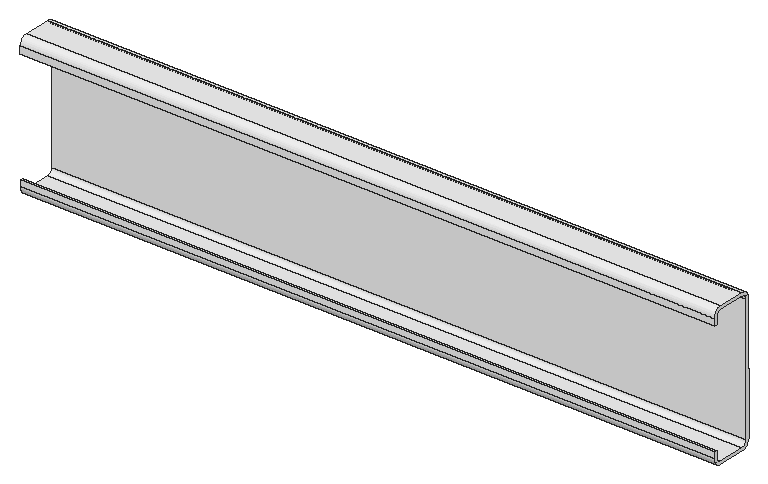
Revit family "CC", category Structural Framing, Revit 2023
Family settings
  Structural Framing Length Roundoff = 1 mm
  Section Shape = Not Defined
  Material for Model Behavior = Steel
  Always export as geometry = No
  Always vertical = Yes
  Cut with Voids When Loaded = No
  Symbolic Representation = From Project Settings
  Shared = No
  Show family pre-cut in plan views = Yes
Parameters (values of type "LC-250x75x25x4.5")
  r = 9 mm
  d = 25 mm
  Structural Material [instance] = 금속 - 스틸 - 345MPa
  R = r + tw  # 13.5 mm
  Perimeter = 0
  Nominal Weight = 0.00 kgf/m
  Assembly Code = ""
  Length [instance] = 1000 mm
  B = 75 mm
  H = 250 mm
  tw = 4.5 mm
  x = 20.4 mm
  A = 1892.00 m²
Reference planes
  plane 1 "중심(앞/뒤)": y = 0
  plane 2: z = 0
  plane 3 "중심(왼쪽/오른쪽)": x = 0
  plane 4 "왼쪽 부재": x = -614.21
  plane 5 "오른쪽 부재": x = 614.21
  plane 6: y = 20.4
  plane 7: y = -54.6
  plane 8 "상단": z = 125
  plane 9: z = -125
  plane 10 "왼쪽": x = -500
  plane 11 "오른쪽": x = 500
  plane 12: y = 6.9
  plane 13: y = -41.1
  plane 14: z = 100
  plane 15: z = -100
  plane 16: z = 111.5
  plane 17: z = -111.5
Forms (mm)
  Sweep 1, solid, material "금속 - 스틸 - 345MPa" <- "Structural Material", detail levels medium
    path origin (0, 0, 0) x (1, 0, 0) y (0, 1, 0)
      loop
        line (614.21, 0) -> (-614.21, 0)
    profile origin (0, 0, 0) x (0, -1, 0) y (0, 0, 1)
      loop
        line (-20.4, -125) -> (54.6, -125) -> (54.6, -100) -> (50.1, -100) -> (50.1, -120.5) -> (-15.9, -120.5) -> (-15.9, 120.5) -> (50.1, 120.5) -> (50.1, 100) -> (54.6, 100) -> (54.6, 125) -> (-20.4, 125) -> (-20.4, -125)
  Sweep 2, solid, material "금속 - 스틸 - 345MPa" <- "Structural Material", detail levels fine
    path origin (0, 0, 0) x (1, 0, 0) y (0, 1, 0)
      loop
        line (614.21, 0) -> (-614.21, 0)
    profile origin (0, 0, 0) x (0, -1, 0) y (0, 0, 1)
      loop
        arc (-20.4, -111.5) -> (-16.446, -121.046) -> (-6.9, -125) r 13.5
        line (-6.9, -125) -> (41.1, -125)
        arc (41.1, -125) -> (50.646, -121.046) -> (54.6, -111.5) r 13.5
        line (54.6, -111.5) -> (54.6, -100) -> (50.1, -100) -> (50.1, -111.5)
        arc (50.1, -111.5) -> (47.464, -117.864) -> (41.1, -120.5) r 9
        line (41.1, -120.5) -> (-6.9, -120.5)
        arc (-6.9, -120.5) -> (-13.264, -117.864) -> (-15.9, -111.5) r 9
        line (-15.9, -111.5) -> (-15.9, 111.5)
        arc (-15.9, 111.5) -> (-13.264, 117.864) -> (-6.9, 120.5) r 9
        line (-6.9, 120.5) -> (41.1, 120.5)
        arc (41.1, 120.5) -> (47.464, 117.864) -> (50.1, 111.5) r 9
        line (50.1, 111.5) -> (50.1, 100) -> (54.6, 100) -> (54.6, 111.5)
        arc (54.6, 111.5) -> (50.646, 121.046) -> (41.1, 125) r 13.5
        line (41.1, 125) -> (-6.9, 125)
        arc (-6.9, 125) -> (-16.446, 121.046) -> (-20.4, 111.5) r 13.5
        line (-20.4, 111.5) -> (-20.4, -111.5)
Lines and regions (mm)
  symbolic lines, style "숨겨진 면", detail levels medium+fine
    curve 1: line (-614.21, 15.9, 0) -> (614.21, 15.9, 0)
    curve 2: line (-614.21, 4.762, 120.5) -> (614.21, 4.762, 120.5)
    curve 3: line (-614.21, 4.763, -120.5) -> (614.21, 4.763, -120.5)
    curve 9: line (-614.21, -50.1, 0) -> (614.21, -50.1, 0)
    curve 10: line (-614.21, 0, 100) -> (614.21, 0, 100)
    curve 11: line (-614.21, 0, -100) -> (614.21, 0, -100)
  symbolic lines, style "기호 부착", detail levels coarse
    curve 4: line (0, 20.4, 125) -> (0, -54.6, 125)
    curve 5: line (0, 20.4, -125) -> (0, 20.4, 125)
    curve 6: line (0, -54.6, -125) -> (0, 20.4, -125)
    curve 7: line (0, -54.6, -125) -> (0, -54.6, -100)
    curve 8: line (0, -54.6, 100) -> (0, -54.6, 125)
Dimensions and locks
  "B": plane 6 to plane 7
  "H": plane 9 to plane 8 "상단"
  "x": plane 6 to plane 1 "중심(앞/뒤)"
  equal spacing: plane 9, plane 2, plane 8 "상단"
  "Length": plane 10 "왼쪽" to plane 11 "오른쪽"
  "R": plane 6 to plane 12
  "R": plane 13 to plane 7
  "R": plane 8 "상단" to plane 16
  "R": plane 9 to plane 17
  "d": plane 8 "상단" to plane 14
  "d": plane 15 to plane 9
  "tw": Sweep 2 to Sweep 1 sketch curve  (x2)
  "tw": Sweep 1 sketch curve to Sweep 2
  "tw": Sweep 1 sketch curve to Sweep 1 sketch curve  (x2)
  equal spacing: plane 10 "왼쪽", plane 3 "중심(왼쪽/오른쪽)", plane 11 "오른쪽"
  "r": radius of Sweep 2 sketch curve  (x4)
  aligned and locked: Sweep 1 sketch curve to plane 1 "중심(앞/뒤)"
  aligned and locked: Sweep 2 sketch curve to plane 1 "중심(앞/뒤)"
  aligned and locked: plane 4 "왼쪽 부재" to Sweep 1 sketch curve
  aligned and locked: plane 5 "오른쪽 부재" to Sweep 1 sketch curve
  aligned and locked: plane 4 "왼쪽 부재" to Sweep 2 sketch curve
  aligned and locked: plane 5 "오른쪽 부재" to Sweep 2 sketch curve
  aligned and locked: plane 4 "왼쪽 부재" to curve 1
  aligned and locked: plane 5 "오른쪽 부재" to curve 1
  aligned and locked: plane 4 "왼쪽 부재" to curve 2
  aligned and locked: plane 5 "오른쪽 부재" to curve 2
  aligned and locked: plane 4 "왼쪽 부재" to curve 3
  aligned and locked: plane 5 "오른쪽 부재" to curve 3
  aligned and locked: Sweep 1 sketch curve to plane 6
  aligned and locked: Sweep 1 sketch curve to plane 8 "상단"
  aligned and locked: Sweep 1 sketch curve to plane 9
  aligned and locked: Sweep 1 sketch curve to plane 7  (x2)
  aligned and locked: Sweep 1 sketch curve to plane 15
  aligned and locked: Sweep 1 sketch curve to plane 14
  aligned and locked: Sweep 2 sketch curve to plane 6
  aligned and locked: Sweep 2 sketch curve to plane 8 "상단"
  aligned and locked: Sweep 2 sketch curve to plane 9
  aligned and locked: Sweep 2 sketch curve to plane 15
  aligned and locked: Sweep 2 sketch curve to plane 14
  aligned and locked: Sweep 2 sketch curve to plane 7
  aligned and locked: curve 8 to Sweep 1
  aligned and locked: plane 15 to curve 7
  aligned and locked: plane 14 to curve 8
  aligned and locked: plane 8 "상단" to curve 8
  aligned and locked: plane 9 to curve 7
  aligned and locked: plane 7 to curve 6
  aligned and locked: plane 6 to curve 6
  aligned and locked: plane 9 to curve 5
  aligned and locked: plane 6 to curve 4
  aligned and locked: plane 7 to curve 4
  aligned and locked: curve 1 to Sweep 1
  aligned and locked: curve 9 to Sweep 2
  aligned and locked: curve 3 to Sweep 1
  aligned and locked: curve 2 to Sweep 1
  aligned and locked: plane 4 "왼쪽 부재" to curve 10
  aligned and locked: plane 5 "오른쪽 부재" to curve 10
  aligned and locked: curve 10 to plane 14
  aligned and locked: plane 4 "왼쪽 부재" to curve 11
  aligned and locked: plane 5 "오른쪽 부재" to curve 11
  aligned and locked: curve 11 to plane 15
Automatic sketch dimensions
  Sweep 2 sketch curve to Sweep 2 sketch curve = 0 mm  (x8)
  Sweep 2 sketch curve to Sweep 2 sketch curve = 4.5 mm
  Sweep 2 sketch curve to profile plane = 41.1 mm
  curve 9 to plane 4 "왼쪽 부재" = 0 mm
  curve 9 to plane 5 "오른쪽 부재" = 0 mm
